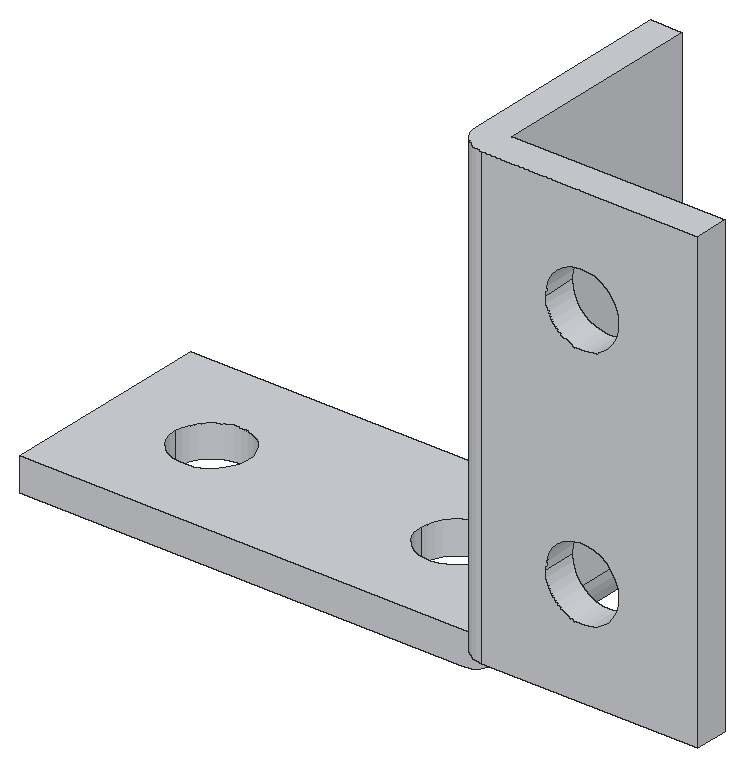
Revit family "Fitting-Wing_Shape-Unistrut-P2343R", category Specialty Equipment, Revit 2012
Parameters (values of type "P2343R")
  ecoScorecard_data = "http://products.ecoscorecard.com/atkore/P2343R"
  ecoScorecard Product Page = "http://products.ecoscorecard.com/atkore/P2343R?action=html"
  Weight Per Piece = 1.19 lbf
  Unit = none
  Unistrut Part Number = "P2343R"  # constant formula
  URL = "http://unistrut.us/index.php"
  Thickness = 1/4"  # constant formula
  Subcategory = "Wing Shape Fittings"  # constant formula
  Product Page URL = "http://unistrut.us/index.php?WP=cat_detail&S=S05&P=P2343R"
  Power Strut Part Number = "PS 2128 R"  # constant formula
  Part Type = "Fitting"  # constant formula
  Overall Width = 5 3/8"  # constant formula
  Overall Length = 1 5/8"  # constant formula
  Overall Height = 3 3/4"  # constant formula
  Model = "P2343R"
  Material = ""
  Manufacturer Phone - Toll Free = "800-882-5543"  # constant formula
  Manufacturer Phone = "708-339-1610"  # constant formula
  Manufacturer Fax = "708-339-7814"  # constant formula
  Manufacturer Email = "mailto:jshaw@atkore.com"
  Manufacturer Address = "16100 South Lathrop Avenue, Harvey, IL 60426"  # constant formula
  Manufacturer = "Unistrut by Atkore International"  # constant formula
  Load Capacity Note = "Visit the product page for load application and capacity."  # constant formula
  Literature URL = "http://unistrut.us/index.php?WP=LItLibrary"
  Hole Diameter = 9/16"
  Cost Info = "mailto:jshaw@atkore.com"
  CAD URL = "http://unistrut.us/index.php?WP=CAD3d"
  Assembly Code = "D5020100"
  95 CSI = "16070"  # constant formula
  04 CSI = "26 05 48"  # constant formula
Reference planes (in)
  plane 1 "Center (Front/Back)": y = 0
  plane 2: z = 0
  plane 3 "Center (Left/Right)": x = 0
  plane 4: z = 3.75
  plane 5: x = -2.6875
  plane 6: x = 2.6875
  plane 7: y = 0.8125
  plane 8: y = -0.8125
  plane 9: x = 1.0625
  plane 10: z = 0.25
  plane 11: x = -1.875
  plane 12: z = 2.9375
  plane 13: z = 1.0625
  plane 14: x = 1.80364
Dimensions and locks (in)
  "Overall Height": plane 4 to plane 2
  equal spacing: plane 5, plane 3 "Center (Left/Right)", plane 6
  "Overall Width": plane 5 to plane 6
  equal spacing: plane 7, plane 1 "Center (Front/Back)", plane 8
  "Overall Length": plane 7 to plane 8
  plane 4 to nested 1 = 3 1/2"
  plane 9 to plane 5 = 3 3/4"
  "Thickness": plane 10 to plane 2
  aligned and locked: level to plane 2
  aligned and locked: plane 1 "Center (Front/Back)" to nested 1
  aligned and locked: nested 1 to plane 3 "Center (Left/Right)"
  aligned and locked: plane 2 to nested 1
Nested families (in)
  nested 1: "2343R" at (0, 0, 3.75) x (-1, 0, 0) z (0, 0, -1), type "2343R"
Definition of nested family "2343R"
  Parameters (values of type "P2343")
    Width = 5 3/8"
    Unit = none
    Thickness = 1/4"
    Height = 3 3/4"
    Radiuis = Diameter / 2  # 9/32"
    Length = 1 5/8"
    Diameter = 9/16"
    Default Elevation = 0"
    Bolt Length [instance] = 1 1/2"
  Reference planes (in)
    plane 1 "Center (Front/Back)": y = 0
    plane 2: z = 0
    plane 3 "Center (Left/Right)": x = 0
    plane 4: x = -2.6875
    plane 5: x = 2.6875
    plane 6: y = -0.8125
    plane 7: y = 0.8125
    plane 8: x = -1.80364
    plane 9: z = 0.8125
    plane 10: z = 2.6875
    plane 11: z = 3.75
    plane 12: x = -1.0625
  Forms (in)
    Extrusion 1, solid, material <- "Unit"
      sketch origin (0, 0, 0) x (1, 0, 0) y (0, 0, 1)
        loop
          line (-1.0625, 3.36748) -> (-1.0625, 0) -> (-0.82628, 0) -> (-0.82628, 3.5) -> (2.6875, 3.5) -> (2.6875, 3.75) -> (-0.67998, 3.75)
          arc (-0.67998, 3.75) -> (-0.95046, 3.63796) -> (-1.0625, 3.36748) r 0.38252
      from -0.8125 to 0.8125
    Extrusion 2, solid, material <- "Unit"
      sketch origin (0, 0, 0) x (1, 0, 0) y (0, 1, 0)
        loop
          line (-2.6875, -0.8125) -> (-2.6875, -1.0625) -> (-1.03904, -1.0625)
          arc (-1.03904, -1.0625) -> (-0.8886, -1.00018) -> (-0.82628, -0.84974) r 0.21276
          line (-0.82628, -0.84974) -> (-0.82628, -0.8125) -> (-2.6875, -0.8125)
      from 0 to 3.5
    Extrusion 3, void
      sketch origin (0, 0, 0) x (1, 0, 0) y (0, 1, 0)
        loop
          circle (1.875, 0) r 0.28125
        loop
          circle (0, 0) r 0.28125
      from 3.5 to 3.75
    Extrusion 4, void
      sketch origin (0, 0, 0) x (1, 0, 0) y (0, 0, 1)
        loop
          circle (-1.80364, 0.8125) r 0.28125
        loop
          circle (-1.80364, 2.6875) r 0.28125
      from 0.8125 to 1.0625
  Cuts and joins
    Extrusion 3, Extrusion 4 cuts Extrusion 1
    Extrusion 3, Extrusion 4 cuts Extrusion 2
    joined: Extrusion 1, Extrusion 2
  Dimensions and locks (in)
    equal spacing: plane 4, plane 3 "Center (Left/Right)", plane 5
    "Width": plane 4 to plane 5
    equal spacing: plane 7, plane 1 "Center (Front/Back)", plane 6
    "Length": plane 7 to plane 6
    "Thickness": plane 6 to Extrusion 2 sketch curve
    plane 9 to plane 2 = 13/16"
    locked: plane 4 to plane 8 at 0.88386
    "Height": plane 11 to plane 2
    plane 5 to plane 12 = 3 3/4"
    "Radiuis": radius of Extrusion 3 sketch curve  (x2)
    "Radiuis": radius of Extrusion 4 sketch curve  (x2)
    aligned and locked: level to plane 2
    aligned and locked: Extrusion 1 sketch curve to plane 5
    aligned and locked: Extrusion 1 sketch curve to plane 2
    aligned and locked: plane 7 to Extrusion 1
    aligned and locked: Extrusion 1 to plane 6
    aligned and locked: Extrusion 2 sketch curve to plane 6
    aligned and locked: Extrusion 2 sketch curve to plane 4
    aligned and locked: Extrusion 2 to plane 2
    aligned and locked: plane 1 "Center (Front/Back)" to Extrusion 3 sketch curve  (x2)
    aligned and locked: plane 8 to Extrusion 4 sketch curve  (x2)
    aligned and locked: plane 6 to Extrusion 4
    aligned and locked: Extrusion 2 to Extrusion 4
    aligned and locked: Extrusion 1 sketch curve to plane 11
    aligned and locked: Extrusion 1 to Extrusion 3
  Automatic sketch dimensions
    Extrusion 2 sketch curve to Extrusion 2 sketch curve = 0.21276"
    Extrusion 3 sketch curve to plane 3 "Center (Left/Right)" = 0"
    Extrusion 3 sketch curve to plane 5 = 13/16"
    Extrusion 1 sketch curve to plane 3 "Center (Left/Right)" = 0.67998"
    Extrusion 1 sketch curve to Extrusion 1 sketch curve = 0.23622"
    Extrusion 4 sketch curve to plane 9 = 0"
    Extrusion 4 sketch curve to plane 10 = 0"
    plane 10 to Extrusion 1 sketch curve = 0.67998"
    Extrusion 1 sketch curve to Extrusion 1 sketch curve = 1/4"
    plane 12 to Extrusion 2 sketch curve = 3/128"
